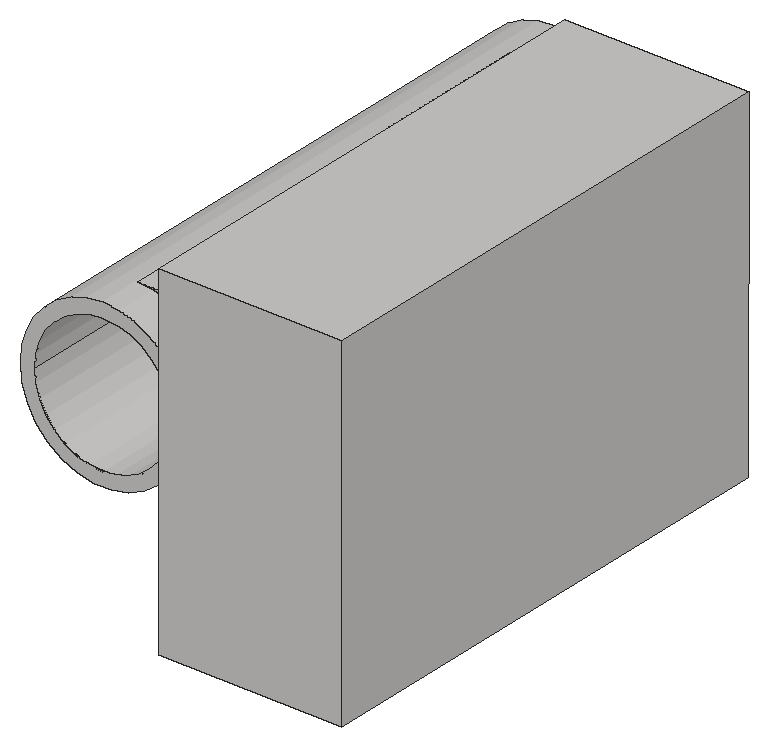
Revit family
Parameters
  Unit Weight = "19.0 lbs"
  URL = "http://www.titus-hvac.com/"
  Static Pressure [instance] = 0.00 in-wg
  Nominal Width = 1' - 1"
  Nominal Length = 1' - 8"
  Nominal Inlet Size = 0' - 5"
  Nominal Inlet Length = 1' - 8"
  Nominal Height = 1' - 0 1/4"
  Model = "DECV"
  Min. Air Flow = 0 CFM
  Max. Air Flow = 350 CFM
  Material = Steel
  Manufacturer = "Titus"
  Inlet Radius = 0' - 2 15/16"
  Inlet Opening Radius = 0' - 2 7/16"
  Inlet Offset = 0' - 2"
  Inlet Extrusion Radius = 0' - 2 15/16"
  Inlet Diameter = 0' - 5 7/8"
  Inlet = Duct D / 2  # 0' - 2 7/16"
  Duct D = 0' - 4 7/8"
  Design Air Flow [instance] = 0 CFM
  Description = "Digital Control Terminal Unit, Retrofit, Variable Volume"
  Control Box Offset = 0' - 3 9/16"
  CADworks URL = "www.CADworks.net"
  Assembly Code = "D3040100"
Reference planes (in)
  plane 1 "Center (Front/Back)": y = 0
  plane 2: z = 0
  plane 3 "Center (Left/Right)": x = 0
  plane 4: y = 8
  plane 5: y = 10
  plane 6: y = -10
  plane 7: x = 3.5625
  plane 8: y = -12
  plane 9: z = 6.125
  plane 10: z = -6.125
  plane 11: x = 10.0625
  plane 12: x = -2.9375
Forms (in)
  Extrusion 1, solid, material "Steel" <- "Material"
    sketch origin (0, -8.5, 0) x (1, 0, 0) y (0, 0, 1)
      loop
        circle (0, 0) r 2.9375
    from -18.5 to 1.5
  Extrusion 2, solid, material "Steel" <- "Material"
    sketch origin (4.29125, 6, 3.56775) x (1, 0, 0) y (0, 0, 1)
      loop
        line (-0.72875, 2.55725) -> (-0.72875, -9.69275) -> (5.77125, -9.69275) -> (5.77125, 2.55725) -> (-0.72875, 2.55725)
    from 0 to 18
  Extrusion 3, solid, material "Steel" <- "Material"
    sketch origin (0, 10, 0) x (-1, 0, 0) y (0, 0, -1)
      loop
        line (-3.5625, 2.9375) -> (-3.5625, -2.9375) -> (0, -2.9375)
        arc (0, -2.9375) -> (-2.9375, 0) -> (0, 2.9375) r 2.9375
        line (0, 2.9375) -> (-3.5625, 2.9375)
    from 2 to 18.5
  Extrusion 4, void
    sketch origin (0, -10, 0) x (1, 0, 0) y (0, 0, -1)
      loop
        circle (0, 0) r 2.4375
    from 0 to 24
Cuts and joins
  Extrusion 4 cuts Extrusion 1
  Extrusion 4 cuts Extrusion 3
Dimensions and locks (in)
  "Inlet Offset": plane 5 to plane 4
  locked: cut or joined group of Extrusion 1, Extrusion 4 to plane 5 at 0
  "Nominal Inlet Length": cut or joined group of Extrusion 1, Extrusion 4 to cut or joined group of Extrusion 1, Extrusion 4
  equal spacing: cut or joined group of Extrusion 1, Extrusion 4, plane 1 "Center (Front/Back)", cut or joined group of Extrusion 1, Extrusion 4
  "Nominal Inlet Length": plane 6 to plane 5
  equal spacing: plane 6, plane 1 "Center (Front/Back)", plane 5
  locked: Extrusion 2 to Extrusion 2 at 18
  locked: Extrusion 2 sketch curve to Extrusion 2 sketch curve at 6.5
  locked: Extrusion 2 sketch curve to Extrusion 2 sketch curve at 12.25
  Extrusion 2 sketch curve to Extrusion 2 sketch curve = 1' - 0 1/4"
  "Inlet Diameter": Extrusion 3 sketch curve to Extrusion 3 sketch curve
  locked: Extrusion 1 sketch curve to level at 0
  locked: Extrusion 1 sketch curve to plane 3 "Center (Left/Right)" at 0
  "Control Box Offset": plane 7 to plane 3 "Center (Left/Right)"
  "Control Box Offset": plane 3 "Center (Left/Right)" to plane 7
  locked: plane 6 to cut or joined group of Extrusion 3, Extrusion 4 at 1.5
  locked: cut or joined group of Extrusion 3, Extrusion 4 to plane 4 at 0
  equal spacing: cut or joined group of Extrusion 3, Extrusion 4, level, cut or joined group of Extrusion 3, Extrusion 4
  "Inlet Radius": radius of Extrusion 1 sketch curve
  "Inlet Extrusion Radius": radius of Extrusion 3 sketch curve
  "Inlet Opening Radius": radius of Extrusion 4 sketch curve
  aligned and locked: plane 9 to Extrusion 2
  aligned and locked: plane 10 to Extrusion 2
  aligned and locked: plane 3 "Center (Left/Right)" to Extrusion 3 sketch curve
  aligned and locked: plane 3 "Center (Left/Right)" to connector elem
  aligned and locked: connector elem to plane 3 "Center (Left/Right)"
  aligned and locked: plane 3 "Center (Left/Right)" to cut or joined group of Extrusion 3, Extrusion 4  (x3)
  aligned and locked: Extrusion 2 to plane 7
  aligned and locked: plane 7 to cut or joined group of Extrusion 3, Extrusion 4
  aligned and locked: cut or joined group of Extrusion 3, Extrusion 4 to Extrusion 2
Automatic sketch dimensions
  plane 7 to Extrusion 2 sketch curve = 0' - 0"
  Extrusion 2 sketch curve to level = 0' - 6 1/8"
  Extrusion 3 sketch curve to plane 7 = 0' - 0"
  Extrusion 3 sketch curve to level = 0' - 0"
Connectors (in)
  hvac at (0, -10, 0), driven by "Design Air Flow", driven by "Inlet", driven by "Static Pressure"
    settings: on cut or joined group of Extrusion 1, Extrusion 4, index 1
  hvac at (0, 10, 0), driven by "Static Pressure", driven by "Design Air Flow", driven by "Inlet"
    settings: on cut or joined group of Extrusion 1, Extrusion 4, index 2
